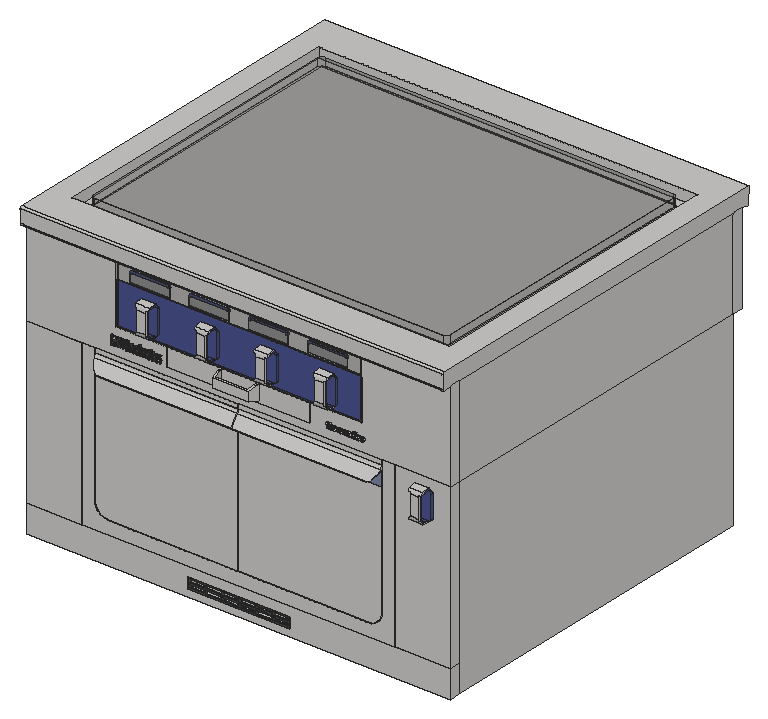
Revit family "QF_ELECTROLUXPROFESSIONAL_589695_MCLPEAJ4AO", category Attrezzature speciali, Revit 2020 (continued)
Definition of nested family "Front_Panel_W1000_Four Knobs"
  Definition of nested family "ELX_Professional_Logo_Small"
    Forms (mm)
      Extrusion 2, solid, material <- "Material_Logo"
        sketch origin (15.5, 0, 0) x (1, 0, 0) y (0, 1, 0)
          loop
            spline (-4.441, -1.243) -> (-4.659, -1.247) -> (-4.894, -1.23) -> (-5.137, -1.19) -> (-5.384, -1.121) -> (-5.628, -1.021) -> (-5.864, -0.884) -> (-6.084, -0.708) -> (-6.283, -0.488) -> (-6.454, -0.219) -> (-6.592, 0.101) -> (-6.69, 0.478) -> (-6.742, 0.914)
            line (-6.742, 0.914) -> (-6.742, 4.587) -> (-4.487, 4.587) -> (-4.487, 6.838) -> (-6.738, 6.838) -> (-6.738, 10.824) -> (-9.217, 10.824) -> (-9.217, 0.773)
            spline (-9.217, 0.773) -> (-9.164, 0.19) -> (-9.068, -0.358) -> (-8.928, -0.87) -> (-8.742, -1.343) -> (-8.511, -1.777) -> (-8.232, -2.168) -> (-7.904, -2.515) -> (-7.527, -2.816) -> (-7.098, -3.069) -> (-6.618, -3.273) -> (-6.084, -3.426) -> (-5.496, -3.525)
            line (-5.496, -3.525) -> (-4.45, -3.573) -> (-4.441, -1.243)
          loop
            spline (3.898, 6.983) -> (3.469, 7.009) -> (3.056, 7.001) -> (2.661, 6.961) -> (2.283, 6.888) -> (1.925, 6.785) -> (1.588, 6.652) -> (1.272, 6.49) -> (0.979, 6.301) -> (0.71, 6.085) -> (0.465, 5.844) -> (0.247, 5.578) -> (0.056, 5.289)
            line (0.056, 5.289) -> (0.056, 6.838) -> (-2.402, 6.838) -> (-2.402, -3.572) -> (0.056, -3.572) -> (0.056, 1.901)
            spline (0.056, 1.901) -> (0.079, 2.316) -> (0.145, 2.703) -> (0.254, 3.06) -> (0.404, 3.386) -> (0.592, 3.679) -> (0.818, 3.938) -> (1.08, 4.162) -> (1.375, 4.348) -> (1.703, 4.495) -> (2.062, 4.602) -> (2.45, 4.668) -> (2.865, 4.69)
            line (2.865, 4.69) -> (3.898, 4.586) -> (3.898, 6.983)
          loop
            spline (15.638, 1.633) -> (15.586, 2.396) -> (15.435, 3.124) -> (15.192, 3.81) -> (14.863, 4.449) -> (14.455, 5.034) -> (13.975, 5.56) -> (13.43, 6.021) -> (12.826, 6.411) -> (12.17, 6.724) -> (11.469, 6.955) -> (10.729, 7.098) -> (9.958, 7.147)
            spline (9.958, 7.147) -> (9.182, 7.098) -> (8.44, 6.955) -> (7.737, 6.724) -> (7.081, 6.411) -> (6.477, 6.021) -> (5.933, 5.56) -> (5.454, 5.034) -> (5.048, 4.449) -> (4.721, 3.81) -> (4.479, 3.124) -> (4.329, 2.396) -> (4.277, 1.633)
            spline (4.277, 1.633) -> (4.329, 0.869) -> (4.479, 0.141) -> (4.721, -0.544) -> (5.048, -1.183) -> (5.454, -1.768) -> (5.933, -2.294) -> (6.477, -2.755) -> (7.081, -3.145) -> (7.737, -3.459) -> (8.44, -3.69) -> (9.182, -3.833) -> (9.958, -3.882)
            spline (9.958, -3.882) -> (10.729, -3.833) -> (11.469, -3.69) -> (12.17, -3.459) -> (12.826, -3.145) -> (13.43, -2.755) -> (13.975, -2.294) -> (14.455, -1.768) -> (14.863, -1.183) -> (15.192, -0.544) -> (15.435, 0.141) -> (15.586, 0.869) -> (15.638, 1.633)
          loop
            spline (13.18, 1.633) -> (13.151, 2.083) -> (13.067, 2.513) -> (12.932, 2.918) -> (12.748, 3.296) -> (12.52, 3.642) -> (12.251, 3.954) -> (11.943, 4.227) -> (11.601, 4.459) -> (11.228, 4.645) -> (10.828, 4.782) -> (10.403, 4.867) -> (9.958, 4.896)
            spline (9.958, 4.896) -> (9.509, 4.867) -> (9.081, 4.782) -> (8.679, 4.645) -> (8.306, 4.459) -> (7.964, 4.227) -> (7.658, 3.954) -> (7.39, 3.642) -> (7.163, 3.296) -> (6.981, 2.918) -> (6.847, 2.513) -> (6.765, 2.083) -> (6.736, 1.633)
            spline (6.736, 1.633) -> (6.765, 1.182) -> (6.847, 0.753) -> (6.981, 0.347) -> (7.163, -0.031) -> (7.39, -0.377) -> (7.658, -0.689) -> (7.964, -0.962) -> (8.306, -1.193) -> (8.679, -1.38) -> (9.081, -1.517) -> (9.509, -1.602) -> (9.958, -1.631)
            spline (9.958, -1.631) -> (10.403, -1.602) -> (10.828, -1.517) -> (11.228, -1.38) -> (11.601, -1.193) -> (11.943, -0.962) -> (12.251, -0.689) -> (12.52, -0.377) -> (12.748, -0.031) -> (12.932, 0.347) -> (13.067, 0.753) -> (13.151, 1.182) -> (13.18, 1.633)
          loop
            line (17.162, 4.269) -> (17.162, -3.573) -> (19.642, -3.573) -> (19.642, 10.824) -> (17.162, 10.824) -> (17.162, 4.269)
          loop
            line (28.581, 6.838) -> (28.581, 0.786)
            spline (28.581, 0.786) -> (28.561, 0.393) -> (28.503, 0.038) -> (28.409, -0.279) -> (28.281, -0.559) -> (28.122, -0.802) -> (27.933, -1.011) -> (27.717, -1.185) -> (27.476, -1.325) -> (27.213, -1.433) -> (26.929, -1.509) -> (26.626, -1.554) -> (26.308, -1.569)
            spline (26.308, -1.569) -> (25.99, -1.554) -> (25.688, -1.509) -> (25.404, -1.434) -> (25.141, -1.326) -> (24.9, -1.187) -> (24.684, -1.014) -> (24.496, -0.807) -> (24.336, -0.565) -> (24.209, -0.288) -> (24.115, 0.026) -> (24.057, 0.376) -> (24.037, 0.765)
            line (24.037, 0.765) -> (24.037, 6.838) -> (21.537, 6.838) -> (21.537, 0.558)
            spline (21.537, 0.558) -> (21.581, -0.153) -> (21.71, -0.8) -> (21.916, -1.384) -> (22.195, -1.904) -> (22.54, -2.362) -> (22.944, -2.757) -> (23.403, -3.09) -> (23.909, -3.362) -> (24.456, -3.572) -> (25.04, -3.722) -> (25.652, -3.811) -> (26.288, -3.841)
            spline (26.288, -3.841) -> (26.929, -3.811) -> (27.547, -3.72) -> (28.135, -3.568) -> (28.687, -3.355) -> (29.197, -3.079) -> (29.66, -2.741) -> (30.068, -2.341) -> (30.415, -1.877) -> (30.696, -1.349) -> (30.905, -0.757) -> (31.034, -0.101) -> (31.079, 0.621)
            line (31.079, 0.621) -> (31.079, 6.838) -> (28.581, 6.838)
          loop
            line (40.457, -0.243) -> (38.894, 1.942) -> (40.83, 4.579) -> (42.488, 6.837) -> (39.782, 6.837) -> (37.53, 3.719) -> (35.258, 6.837) -> (32.573, 6.837) -> (34.113, 4.731) -> (36.167, 1.922) -> (34.014, -1.076) -> (32.222, -3.573) -> (34.887, -3.573) -> (37.53, 0.104) -> (40.174, -3.573) -> (42.839, -3.573) -> (40.457, -0.243)
          loop
            line (-46.121, -5.837) -> (-48.039, -5.837) -> (-48.039, -10.814) -> (-47.016, -10.814) -> (-47.016, -9.128) -> (-46.121, -9.128)
            arc (-46.121, -9.128) -> (-44.476, -7.482) -> (-46.121, -5.837) r 1.645
          loop
            line (-46.163, -6.778) -> (-47.016, -6.778) -> (-47.016, -8.187) -> (-46.163, -8.187)
            arc (-46.163, -8.187) -> (-45.458, -7.482) -> (-46.163, -6.778) r 0.704
          loop
            line (-38.313, -5.837) -> (-40.265, -5.837) -> (-40.265, -10.814) -> (-39.241, -10.814) -> (-39.241, -9.1) -> (-38.46, -9.182) -> (-37.48, -10.814) -> (-36.318, -10.814) -> (-37.513, -8.848)
            arc (-37.513, -8.848) -> (-36.888, -8.266) -> (-36.671, -7.441) r 1.536
            arc (-36.671, -7.441) -> (-37.165, -6.305) -> (-38.313, -5.837) r 1.643
          loop
            arc (-38.402, -8.166) -> (-37.707, -7.505) -> (-38.334, -6.778) r 0.696
            line (-38.334, -6.778) -> (-39.241, -6.778) -> (-39.241, -8.166) -> (-38.402, -8.166)
          loop
            circle (-29.965, -8.325) r 2.585
          loop
            circle (-29.965, -8.325) r 1.64
          loop
            line (-23.1, -5.837) -> (-23.1, -10.814) -> (-22.076, -10.814) -> (-22.076, -8.768) -> (-20.204, -8.768) -> (-20.204, -7.828) -> (-22.076, -7.828) -> (-22.076, -6.778) -> (-20.024, -6.778) -> (-20.024, -5.837) -> (-23.1, -5.837)
          loop
            line (-15.802, -5.837) -> (-15.802, -9.2)
            arc (-15.802, -9.2) -> (-15.343, -10.34) -> (-14.209, -10.814) r 1.593
            line (-14.209, -10.814) -> (-12.602, -10.814) -> (-12.602, -10.027) -> (-14.004, -10.027)
            arc (-14.004, -10.027) -> (-14.552, -9.8) -> (-14.779, -9.252) r 0.775
            line (-14.779, -9.252) -> (-14.779, -8.424) -> (-12.789, -8.424) -> (-12.789, -7.642) -> (-14.779, -7.642) -> (-14.779, -6.778) -> (-12.651, -6.778) -> (-12.651, -5.837) -> (-15.802, -5.837)
          loop
            line (-5.909, -7.143) -> (-5.173, -6.638)
            arc (-5.173, -6.638) -> (-5.855, -5.974) -> (-6.781, -5.755) r 1.782
            arc (-6.781, -5.755) -> (-7.397, -5.878) -> (-7.944, -6.189) r 1.974
            arc (-7.944, -6.189) -> (-8.202, -6.5) -> (-8.317, -6.888) r 1.013
            arc (-8.317, -6.888) -> (-8.306, -7.341) -> (-8.192, -7.78) r 1.985
            arc (-8.192, -7.78) -> (-7.749, -8.259) -> (-7.171, -8.563) r 1.928
            arc (-7.171, -8.563) -> (-6.637, -8.779) -> (-6.131, -9.056) r 5.041
            arc (-6.131, -9.056) -> (-5.934, -9.387) -> (-6.09, -9.74) r 0.42
            arc (-6.09, -9.74) -> (-6.631, -9.96) -> (-7.204, -9.845) r 1.016
            arc (-7.204, -9.845) -> (-7.625, -9.603) -> (-7.889, -9.196) r 1.033
            line (-7.889, -9.196) -> (-8.67, -9.686)
            arc (-8.67, -9.686) -> (-8.361, -10.198) -> (-7.908, -10.589) r 1.914
            arc (-7.908, -10.589) -> (-7.334, -10.834) -> (-6.714, -10.896) r 2.063
            arc (-6.714, -10.896) -> (-5.947, -10.743) -> (-5.256, -10.376) r 2.696
            arc (-5.256, -10.376) -> (-4.95, -9.565) -> (-5.108, -8.712) r 1.618
            arc (-5.108, -8.712) -> (-5.448, -8.319) -> (-5.884, -8.035) r 1.876
            arc (-5.884, -8.035) -> (-6.434, -7.789) -> (-6.999, -7.577) r 9.883
            arc (-6.999, -7.577) -> (-7.325, -7.07) -> (-6.854, -6.694) r 0.45
            arc (-6.854, -6.694) -> (-6.329, -6.809) -> (-5.909, -7.143) r 1.197
          loop
            line (1.61, -7.143) -> (2.345, -6.638)
            arc (2.345, -6.638) -> (1.663, -5.974) -> (0.737, -5.755) r 1.782
            arc (0.737, -5.755) -> (0.121, -5.878) -> (-0.425, -6.189) r 1.974
            arc (-0.425, -6.189) -> (-0.683, -6.5) -> (-0.799, -6.888) r 1.013
            arc (-0.799, -6.888) -> (-0.788, -7.341) -> (-0.674, -7.78) r 1.985
            arc (-0.674, -7.78) -> (-0.231, -8.259) -> (0.347, -8.563) r 1.928
            arc (0.347, -8.563) -> (0.881, -8.779) -> (1.387, -9.056) r 5.041
            arc (1.387, -9.056) -> (1.584, -9.387) -> (1.428, -9.74) r 0.42
            arc (1.428, -9.74) -> (0.887, -9.96) -> (0.314, -9.845) r 1.016
            arc (0.314, -9.845) -> (-0.107, -9.603) -> (-0.371, -9.196) r 1.033
            line (-0.371, -9.196) -> (-1.152, -9.686)
            arc (-1.152, -9.686) -> (-0.842, -10.198) -> (-0.39, -10.589) r 1.914
            arc (-0.39, -10.589) -> (0.184, -10.834) -> (0.804, -10.896) r 2.063
            arc (0.804, -10.896) -> (1.572, -10.743) -> (2.263, -10.376) r 2.696
            arc (2.263, -10.376) -> (2.568, -9.565) -> (2.411, -8.712) r 1.618
            arc (2.411, -8.712) -> (2.07, -8.319) -> (1.635, -8.035) r 1.876
            arc (1.635, -8.035) -> (1.084, -7.789) -> (0.519, -7.577) r 9.883
            arc (0.519, -7.577) -> (0.193, -7.07) -> (0.665, -6.694) r 0.45
            arc (0.665, -6.694) -> (1.189, -6.809) -> (1.61, -7.143) r 1.197
          loop
            line (6.801, -5.837) -> (6.801, -10.814) -> (7.825, -10.814) -> (7.825, -5.837) -> (6.801, -5.837)
          loop
            circle (14.724, -8.325) r 1.548
          loop
            circle (14.724, -8.325) r 2.585
          loop
            line (21.59, -10.814) -> (22.623, -10.814) -> (22.623, -7.685) -> (24.9, -10.814) -> (25.895, -10.814) -> (25.895, -5.837) -> (24.861, -5.837) -> (24.861, -9.061) -> (22.585, -5.837) -> (21.59, -5.837) -> (21.59, -10.814)
          loop
            line (31.054, -10.814) -> (31.539, -9.74) -> (33.38, -9.74) -> (33.865, -10.814) -> (34.965, -10.814) -> (32.46, -5.837) -> (29.956, -10.814) -> (31.054, -10.814)
          loop
            line (32.46, -7.698) -> (31.999, -8.719) -> (32.921, -8.719) -> (32.46, -7.698)
          loop
            line (40.047, -9.873) -> (40.047, -5.837) -> (39.024, -5.837) -> (39.024, -10.814) -> (41.961, -10.814) -> (41.961, -9.873) -> (40.047, -9.873)
          loop
            line (-74.986, -10.814) -> (-53.322, -10.814) -> (-53.322, 10.82) -> (-74.986, 10.82) -> (-74.986, -10.814)
          loop
            line (-61.261, 9.758) -> (-61.261, -9.707)
            arc (-61.261, -9.707) -> (-54.066, 0.025) -> (-61.261, 9.758) r 10.18
          loop
            line (-62.251, 8.349) -> (-62.251, 9.758)
            arc (-62.251, 9.758) -> (-70.347, 7.918) -> (-74.247, 0.59) r 9.976
            line (-74.247, 0.59) -> (-71.026, 0.59)
            arc (-71.026, 0.59) -> (-65.274, 2.925) -> (-62.251, 8.349) r 9.351
          loop
            arc (-74.247, -0.539) -> (-70.353, -7.928) -> (-62.251, -9.957) r 10.237
            line (-62.251, -9.957) -> (-62.251, -8.298)
            arc (-62.251, -8.298) -> (-65.274, -2.874) -> (-71.026, -0.539) r 9.351
            line (-71.026, -0.539) -> (-74.247, -0.539)
        from 0 to 1.644
    Dimensions and locks
      aligned and locked: plane 2 to Extrusion 1
      aligned and locked: level to Extrusion 1
Definition of nested family "H450H2W1000_2DOOR"
  Parameters
    Width [instance] = 680 mm
    Wdoor [instance] = Width / 2  # 340 mm
    Show Clearance [instance] = yes
    Model = "727995"
    Height = 450 mm
    Default Elevation = 0 mm
  Reference planes
    plane 1 "Center (Front/Back)": y = 0
    plane 2: z = 0
    plane 3 "Center (Left/Right)": x = 36.042
    plane 4 "panel": z = 25
    plane 5: x = -303.958
    plane 6: x = 376.042
    plane 7: y = 450
    plane 8: z = 340
    plane 9: z = 45
  Forms (mm)
    Extrusion 1, solid
      sketch origin (0, -919.2, 0) x (1, 0, 0) y (0, 1, 0)
        loop
          line (-980.5, 2119.2) -> (-980.5, -162.846) -> (881.94, -162.846) -> (881.94, 2119.2) -> (-980.5, 2119.2)
      from 0 to -59.546
    Extrusion 2, solid
      sketch origin (0, 0, 0) x (1, 0, 0) y (0, 1, 0)
        loop
          line (374.042, 393) -> (37.042, 393) -> (37.042, 97) -> (344.042, 97)
          arc (344.042, 97) -> (365.255, 105.787) -> (374.042, 127) r 30
          line (374.042, 127) -> (374.042, 393)
        loop
          arc (-301.958, 127) -> (-293.171, 105.787) -> (-271.958, 97) r 30
          line (-271.958, 97) -> (35.042, 97) -> (35.042, 393) -> (-301.958, 393) -> (-301.958, 127)
      from 0 to 25
    Extrusion 3, solid
      sketch origin (0, 0, 0) x (1, 0, 0) y (0, 1, 0)
        loop
          line (-301.958, 393) -> (35.042, 393) -> (35.042, 440) -> (-301.958, 440) -> (-301.958, 393)
        loop
          line (37.042, 440) -> (37.042, 393) -> (374.042, 393) -> (374.042, 440) -> (37.042, 440)
      from 0 to 25
    Extrusion 4, solid
      sketch origin (5.581, 79.805, 0) x (1, 0, 0) y (0, 1, 0)
        loop
          line (-307.539, 360.195) -> (29.461, 360.195) -> (29.461, 370.195) -> (-307.539, 370.195) -> (-307.539, 360.195)
        loop
          line (31.461, 370.195) -> (31.461, 360.195) -> (368.461, 360.195) -> (368.461, 370.195) -> (31.461, 370.195)
      from 0 to 25
    Extrusion 5, solid
      sketch origin (36.042, 0, 0) x (0, 1, 0) y (0, 0, 1)
        loop
          line (426.693, 25) -> (440.02, 25)
          arc (440.02, 25) -> (435.261, 25.775) -> (430.993, 28.02) r 15
          line (430.993, 28.02) -> (406.653, 46.362) -> (403.644, 42.369) -> (426.693, 25)
      from 1 to 338
    Extrusion 6, solid
      sketch origin (36.042, 0, 0) x (0, 1, 0) y (0, 0, 1)
        loop
          line (426.693, 25) -> (440.02, 25)
          arc (440.02, 25) -> (435.261, 25.775) -> (430.993, 28.02) r 15
          line (430.993, 28.02) -> (406.653, 46.362) -> (403.644, 42.369) -> (426.693, 25)
      from -338 to -1
    Extrusion 7, void
      sketch origin (0, 0, 0) x (1, 0, 0) y (0, 1, 0)
        loop
          arc (374.042, 426.693) -> (364.508, 412.772) -> (350.317, 403.644) r 42.603
          line (350.317, 403.644) -> (374.042, 403.644) -> (374.042, 426.693)
      from 0 to 47.9
    Extrusion 8, void
      sketch origin (72.084, 0, 0) x (-1, 0, 0) y (0, -1, 0)
        loop
          line (374.042, -426.693) -> (374.042, -403.644) -> (350.317, -403.644)
          arc (350.317, -403.644) -> (364.508, -412.772) -> (374.042, -426.693) r 42.603
      from 0 to 47.9
    Extrusion 9, solid, detail levels coarse
      sketch origin (0, 0, 0) x (1, 0, 0) y (0, 0, 1)
        loop
          arc (36.231, 25) -> (-56.085, 247.873) -> (-278.958, 340.189) r 315.189
          line (-278.958, 340.189) -> (-278.958, 25) -> (36.231, 25)
      from -450 to -97
    Extrusion 10, solid, detail levels coarse
      sketch origin (0, 0, 0) x (1, 0, 0) y (0, 0, 1)
        loop
          arc (351.042, 340) -> (128.303, 247.739) -> (36.042, 25) r 315
          line (36.042, 25) -> (351.042, 25) -> (351.042, 340)
      from -450 to -97
  Cuts and joins
    Extrusion 8 cuts Extrusion 6
    Extrusion 7 cuts Extrusion 5
  Lines and regions (mm)
    symbolic lines
      curve 1: line (376.042, 0, 45) -> (376.042, 0, 340)
      curve 2: line (351.042, 0, 45) -> (351.042, 0, 340)
      curve 3: line (376.042, 0, 340) -> (351.042, 0, 340)
      curve 4: line (-303.958, 0, 45) -> (-303.958, 0, 340)
      curve 5: line (-278.958, 0, 45) -> (-278.958, 0, 340)
      curve 6: line (-303.958, 0, 340) -> (-278.958, 0, 340)
      curve 7: arc (351.042, 0, 340) -> (135.522, 0, 254.731) -> (36.683, 0, 45.088) r 315
      curve 8: arc (35.407, 0, 44.997) -> (-63.405, 0, 254.7) -> (-278.958, 0, 340) r 315
  Dimensions and locks
    plane 4 "panel" to level = 25 mm
    "Width": plane 5 to plane 6
    equal spacing: plane 5, plane 3 "Center (Left/Right)", plane 6
    "Height": plane 1 "Center (Front/Back)" to plane 7
    locked: plane 5 to Extrusion 2 sketch curve at 2
    locked: Extrusion 2 sketch curve to plane 6 at 2
    locked: plane 1 "Center (Front/Back)" to Extrusion 2 sketch curve at 97
    locked: plane 7 to Extrusion 2 sketch curve at 57
    locked: Extrusion 2 sketch curve to plane 3 "Center (Left/Right)" at 1
    locked: plane 3 "Center (Left/Right)" to Extrusion 2 sketch curve at 1
    Extrusion 3 sketch curve to Extrusion 2 = 47 mm
    "Wdoor": plane 8 to level
    locked: curve 2 to curve 1 at 25
    locked: curve 5 to curve 4 at 25
    plane 4 "panel" to plane 9 = 20 mm
    aligned and locked: plane 2 to Extrusion 1
    aligned and locked: level to Extrusion 1
    aligned and locked: plane 4 "panel" to Extrusion 2
    aligned and locked: Extrusion 2 to Extrusion 3 sketch curve
    aligned and locked: Extrusion 3 sketch curve to Extrusion 2  (x2)
    aligned and locked: Extrusion 3 sketch curve to Extrusion 3 sketch curve
    aligned and locked: plane 4 "panel" to Extrusion 3
    aligned and locked: Extrusion 4 sketch curve to Extrusion 4 sketch curve
    aligned and locked: Extrusion 4 sketch curve to Extrusion 3  (x3)
    aligned and locked: Extrusion 3 to Extrusion 4 sketch curve
    aligned and locked: Extrusion 4 sketch curve to plane 7
    aligned and locked: Extrusion 3 to Extrusion 5
    aligned and locked: Extrusion 5 to Extrusion 3
    aligned and locked: Extrusion 6 to Extrusion 3
    aligned and locked: Extrusion 3 to Extrusion 6
    aligned and locked: Extrusion 7 sketch curve to Extrusion 5
    aligned and locked: Extrusion 8 to Extrusion 6
    aligned and locked: Extrusion 4 to Extrusion 8
    aligned and locked: Extrusion 2 to Extrusion 7
    aligned and locked: Extrusion 7 to Extrusion 5
    aligned and locked: Extrusion 4 to Extrusion 3  (x2)
    aligned and locked: Extrusion 3 to Extrusion 2
    aligned and locked: Extrusion 4 to Extrusion 2
    aligned and locked: curve 3 to plane 8
    aligned and locked: curve 1 to plane 6
    aligned and locked: curve 4 to plane 5
    aligned and locked: Extrusion 9 sketch curve to plane 4 "panel"
    aligned and locked: Extrusion 10 sketch curve to curve 7
    aligned and locked: Extrusion 10 sketch curve to curve 2
    aligned and locked: Extrusion 2 to Extrusion 9
    aligned and locked: Extrusion 2 to Extrusion 10
    aligned and locked: plane 7 to Extrusion 9
    aligned and locked: Extrusion 3 to Extrusion 4
  Automatic sketch dimensions
    Extrusion 1 sketch curve to Extrusion 1 sketch curve = 1862.44 mm
    Extrusion 1 sketch curve to Extrusion 1 sketch curve = 2282.046 mm
    Extrusion 2 sketch curve to Extrusion 2 sketch curve = 30 mm  (x2)
    Extrusion 2 sketch curve to plane 1 "Center (Front/Back)" = 97 mm
    Extrusion 2 sketch curve to Extrusion 2 sketch curve = 0 mm
    Extrusion 3 sketch curve to plane 3 "Center (Left/Right)" = 1 mm
    plane 5 to Extrusion 3 sketch curve = 2 mm
    Extrusion 3 sketch curve to Extrusion 3 sketch curve = 0 mm
    Extrusion 5 sketch curve to plane 4 "panel" = 0 mm
    plane 4 "panel" to Extrusion 5 sketch curve = 17.369 mm
    Extrusion 5 sketch curve to plane 7 = 46.356 mm
    plane 4 "panel" to Extrusion 5 sketch curve = 21.362 mm
    Extrusion 5 sketch curve to Extrusion 5 sketch curve = 3.009 mm
    plane 4 "panel" to Extrusion 5 sketch curve = 3.02 mm
    Extrusion 5 sketch curve to Extrusion 5 sketch curve = 9.027 mm
    Extrusion 6 sketch curve to plane 4 "panel" = 0 mm
    plane 4 "panel" to Extrusion 6 sketch curve = 17.369 mm
    Extrusion 6 sketch curve to plane 7 = 46.356 mm
    plane 4 "panel" to Extrusion 6 sketch curve = 21.362 mm
    Extrusion 6 sketch curve to Extrusion 6 sketch curve = 3.009 mm
    plane 4 "panel" to Extrusion 6 sketch curve = 3.02 mm
    Extrusion 6 sketch curve to Extrusion 6 sketch curve = 9.027 mm
    Extrusion 7 sketch curve to Extrusion 7 sketch curve = 23.725 mm
    Extrusion 7 sketch curve to plane 7 = 6.671 mm
    Extrusion 7 sketch curve to plane 6 = 41.221 mm
    Extrusion 7 sketch curve to plane 7 = 23.307 mm
    plane 7 to Extrusion 8 sketch curve = 6.671 mm
    Extrusion 8 sketch curve to plane 5 = 41.221 mm
    Extrusion 8 sketch curve to plane 5 = 25.725 mm
    Extrusion 8 sketch curve to plane 5 = 2 mm
    plane 7 to Extrusion 8 sketch curve = 23.307 mm
    Extrusion 4 sketch curve to Extrusion 4 sketch curve = 10 mm
    Extrusion 4 sketch curve to plane 7 = 10 mm
    curve 2 to plane 9 = 0 mm
    curve 5 to plane 9 = 0 mm
    curve 4 to plane 9 = 0 mm
    curve 1 to plane 9 = 0 mm
    curve 8 to plane 4 "panel" = 0 mm
    curve 5 to plane 8 = 0 mm
    curve 8 to plane 9 = 0.003 mm
    curve 7 to plane 4 "panel" = 0 mm
    plane 9 to curve 7 = 0.088 mm
    plane 5 to Extrusion 9 sketch curve = 25 mm
    plane 3 "Center (Left/Right)" to Extrusion 9 sketch curve = 0.189 mm
Definition of nested family "Warm"
  Reference planes
    plane 1 "Center (Front/Back)": y = 0
    plane 2: z = 0
    plane 3 "Center (Left/Right)": x = 0
  Lines and regions (mm)
    detail lines, in view "Ref. Level"
      curve 1: circle (-165.742, 180.331, 0) r 45 normal (0, 0, 1)
      curve 2: line (-165.742, 125.331, 0) -> (-165.742, 80.331, 0)
      curve 3: line (-165.742, 235.331, 0) -> (-165.742, 280.331, 0)
      curve 4: line (-105.742, 180.331, 0) -> (-65.742, 180.331, 0)
      curve 5: line (-220.742, 180.331, 0) -> (-265.742, 180.331, 0)
      curve 6: line (-126.851, 141.44, 0) -> (-95.031, 109.62, 0)
      curve 7: line (-204.632, 219.221, 0) -> (-236.452, 251.041, 0)
      curve 8: line (-126.851, 219.221, 0) -> (-95.031, 251.041, 0)
      curve 9: line (-204.632, 141.44, 0) -> (-236.452, 109.62, 0)
